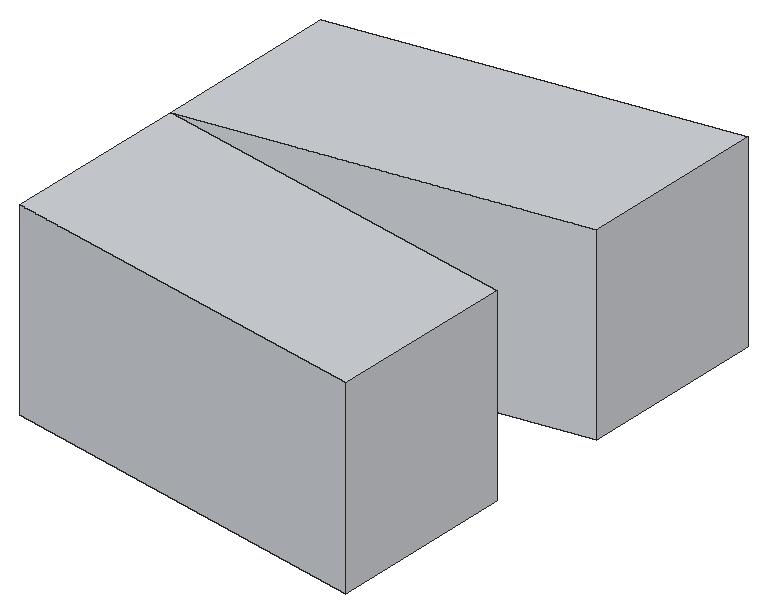
Revit family "M_Calças retangulares de transição - DTL", category Conexões de duto, Revit 2019
Family settings
  Cota do conector redondo = Utilizar diâmetro
  Tipo de parte = Arquejamentos
  Número OmniClass = 23.75.70.14
  Título OmniClass = Air Ductwork
  ID de item do Seek = Rectangular Transition Pants - DTL-0000-CAN-ENU
  Com base no plano de trabalho = Não
  Sempre na vertical = Sim
  Corte com vazios quando carregada = Não
  Compartilhado = Não
Parameters (values of type "Padrão")
  Visibilidade da saída da largura à direita [instance] = not(Saída reta à direita = 0 mm)  # no
  Saída da largura à direita 2 [instance] = Definir direita 4 + 0.5 * Entrada de largura  # 450 mm
  Visibilidade da saída da largura à esquerda [instance] = not(Saída reta à esquerda = 0 mm)  # no
  Definir parte superior 5 [instance] = if(Altura da forquilha = 0 mm, 3048 mm - Entrada de profundidade / 2 - Definir parte superior 4, 3048 mm - Entrada de profundidade / 2 - (Definir parte superior - Definir parte superior 4))  # 2823 mm
  Definir parte superior 4 [instance] = if(Altura da forquilha = 0 mm, 0 mm, (Comprimento - Altura da forquilha 2) * Definir parte superior / Comprimento)  # 0 mm
  Definir direita 4 [instance] = if(Altura da forquilha = 0 mm, 0 mm, Altura da forquilha 2 * Definir direita / Comprimento)  # 0 mm
  Saída da largura à esquerda 2 [instance] = Definir esquerda 4 + 0.5 * Entrada de largura  # 450 mm
  Definir esquerda 4 [instance] = if(Altura da forquilha = 0 mm, 0 mm, Altura da forquilha 2 * Definir esquerda / Comprimento)  # 0 mm
  Saída reta à direita 2 [instance] = if(Saída reta à direita > 0 mm, Comprimento 2 - Saída reta à direita, Comprimento 2)  # 1800 mm
  Saída reta à direita 1 [instance] = if(Saída reta à direita > 0 mm, Saída reta à direita, 25 mm)  # 25 mm
  Saída reta à direita [instance] = 0 mm
  Saída reta à esquerda 2 [instance] = if(Saída reta à esquerda > 0 mm, Comprimento 2 - Saída reta à esquerda, Comprimento 2)  # 1800 mm
  Saída reta à esquerda 1 [instance] = if(Saída reta à esquerda > 0 mm, Saída reta à esquerda, 25 mm)  # 25 mm
  Saída reta à esquerda [instance] = 0 mm
  Visibilidade da entrada da largura [instance] = not(Entrada reta = 0 mm)  # no
  Entrada reta 1 [instance] = if(Entrada reta > 0 mm, Entrada reta, 25 mm)  # 25 mm
  Definir direita [instance] = 150 mm
  Definir esquerda [instance] = 150 mm
  Definir parte superior 1 [instance] = 3048 mm - Entrada de profundidade / 2 - Definir parte superior  # 2823 mm
  Largura 1 [instance] = Entrada de largura + Definir esquerda + Definir direita - (Saída da largura à esquerda + Saída da largura à direita)  # 300 mm
  Saída da largura à direita 1 [instance] = Comprimento 3 - Definir direita 1  # 3825 mm
  Saída da largura à esquerda 1 [instance] = Definir esquerda 1 + Comprimento 3  # 4575 mm
  Saída da largura 1 [instance] = Entrada de largura + Definir esquerda 4 + Definir direita 4  # 900 mm
  Comprimento 4 [instance] = if(Altura da forquilha < Comprimento, Comprimento - Altura da forquilha 2, 25 mm)  # 875 mm
  Comprimento 3 [instance] = (Entrada de largura + Saída da largura à direita + Saída da largura à esquerda + Definir esquerda + Definir direita) * 2  # 4200 mm
  Comprimento 2 [instance] = (Comprimento + Saída reta) * 2  # 1800 mm
  Saída de meia largura 1 [instance] = Saída da largura 1 / 2  # 450 mm
  Entrada de meia largura [instance] = Entrada de largura / 2  # 450 mm
  Saída de meia profundidade 1 [instance] = Saída de profundidade 1 / 2  # 225 mm
  Entrada de meia profundidade [instance] = Entrada de profundidade / 2  # 225 mm
  Saída de profundidade 3 [instance] = if(Entrada de profundidade > Saída de profundidade, Saída de profundidade + Saída de profundidade 2, Saída de profundidade - Saída de profundidade 2)  # 450 mm
  Saída de profundidade 2 [instance] = if(Altura da forquilha = 0 mm, 0 mm, (Comprimento - Altura da forquilha 2) * (Definir parte superior + abs(Entrada de profundidade - Saída de profundidade)) / Comprimento - Definir parte superior 4)  # 0 mm
  Saída de profundidade 1 [instance] = if(not(Altura da forquilha = 0 mm), Saída de profundidade 3, Entrada de profundidade)  # 450 mm
  Visibilidade da forquilha [instance] = not(Altura da forquilha = 0 mm)  # no
  Altura da forquilha 1 [instance] = if(not(Altura da forquilha > 0 mm), 25 mm, Altura da forquilha)  # 25 mm
  Altura da forquilha 3 [instance] = if(Altura da forquilha = 0 mm, Comprimento 2 + Comprimento 1, Comprimento 2 + Comprimento 1 - Altura da forquilha 2)  # 2700 mm
  Definir direita 1 [instance] = if(Largura 1 > 0 mm, (Definir direita + Entrada de largura / 2 - Saída da largura à direita / 2), (Definir direita - abs(Largura 1) + Entrada de largura / 2 - Saída da largura à direita / 2))  # 375 mm
  Definir esquerda 1 [instance] = Definir esquerda + Entrada de largura / 2 - Saída da largura à esquerda / 2  # 375 mm
  Comprimento 1 [instance] = if(Altura da forquilha < Comprimento, Comprimento, Altura da forquilha 2 + 25.4 mm)  # 900 mm
  Definir parte superior 3 [instance] = if(Saída de profundidade + Definir parte superior 1 - 3048 mm < Entrada de profundidade / 2, Entrada de profundidade / 2, (Saída de profundidade + Definir parte superior 1 - 3048 mm))  # 225 mm
  Definir parte superior 2 [instance] = if(3048 mm - Definir parte superior 1 < Entrada de profundidade / 2, Entrada de profundidade / 2, (3048 mm - Definir parte superior 1))  # 225 mm
  Saída de meia largura à direita [instance] = Saída da largura à direita / 2  # 225 mm
  Saída de meia largura à esquerda [instance] = Saída da largura à esquerda / 2  # 225 mm
  Saída de meia profundidade [instance] = Saída de profundidade / 2  # 225 mm
  Saída da largura à direita [instance] = 450 mm
  Saída da largura à esquerda [instance] = 450 mm
  Entrada de largura [instance] = 900 mm
  Comprimento [instance] = 900 mm
  Saída reta [instance] = if(Saída reta à esquerda > Saída reta à direita, Saída reta à esquerda, Saída reta à direita)  # 0 mm
  Entrada reta [instance] = 0 mm
  Definir parte superior [instance] = 0 mm
  Saída de profundidade [instance] = 450 mm
  Entrada de profundidade [instance] = 450 mm
  Altura da forquilha 2 [instance] = if(Altura da forquilha < Comprimento, Altura da forquilha 1, Comprimento)  # 25 mm
  Altura da forquilha [instance] = 0 mm
Reference planes
  plane 1 "Centro (Frente/Trás)": y = 0
  plane 2: z = 0
  plane 3 "Centro (Esquerda/Direita)": x = 0
  plane 4: z = 3048
  plane 5: x = 0
  plane 6: x = 900
  plane 7: y = 375
  plane 8: x = 900
  plane 9: y = -375
  plane 10: x = 2700
  plane 11: x = 0
  plane 12: z = 225
  plane 13: z = -225
  plane 14 "1": z = 0
  plane 15: z = 225
  plane 16: z = -25.4
  plane 17: y = -4200
  plane 18: x = 900
  plane 19: x = 25
  plane 20: x = 875
  plane 21: x = 875
  plane 22: x = 25
  plane 23: z = 225
  plane 24: z = 0
Forms (mm)
  Sweep 1, solid, visible <- "Visibilidade da entrada da largura", detail levels medium+fine
    path in 3D
      loop
        line (0, 0, 0) -> (25, 0, 0)
    profile origin (12.5, 0, 0) x (0, 1, 0) y (0, 0, 1)
      loop
        line (450, 225) -> (-450, 225) -> (-450, -225) -> (450, -225) -> (450, 225)
  Sweep 2, solid, visible <- "Visibilidade da saída da largura à esquerda", detail levels medium+fine
    path in 3D
      loop
        line (875, 375, 0) -> (900, 375, 0)
    profile origin (887.5, 375, 0) x (0, 1, 0) y (0, 0, 1)
      loop
        line (225, 225) -> (-225, 225) -> (-225, -225) -> (225, -225) -> (225, 225)
  Sweep 3, solid, visible <- "Visibilidade da saída da largura à direita", detail levels medium+fine
    path in 3D
      loop
        line (875, -375, 0) -> (900, -375, 0)
    profile origin (887.5, -375, 0) x (0, 1, 0) y (0, 0, 1)
      loop
        line (-225, 225) -> (-225, -225) -> (225, -225) -> (225, 225) -> (-225, 225)
  SweptBlend 4, solid, visible <- "Visibilidade da forquilha", detail levels medium+fine
    path in 3D
      loop
        line (0, 0, 0) -> (25, 0, 0)
    profile origin (0, 0, 0) x (0, 1, 0) y (0, 0, 1)
      loop
        line (450, 225) -> (-450, 225) -> (-450, -225) -> (450, -225) -> (450, 225)
    end profile origin (25, 0, 0) x (0, 1, 0) y (0, 0, 1)
      loop
        line (450, 225) -> (-450, 225) -> (-450, -225) -> (450, -225) -> (450, 225)
  Blend 5, solid, detail levels medium+fine
    base sketch origin (0, 0, 0) x (0, 1, 0) y (0, 0, 1)
      loop
        line (600, 225) -> (150, 225) -> (150, -225) -> (600, -225) -> (600, 225)
    top sketch origin (0, 0, 0) x (0, 1, 0) y (0, 0, 1)
      loop
        line (450, 225) -> (0, 225) -> (0, -225) -> (450, -225) -> (450, 225)
    from 900 to 0
  Blend 6, solid, detail levels medium+fine
    base sketch origin (0, 0, 0) x (0, 1, 0) y (0, 0, 1)
      loop
        line (-150, 225) -> (-600, 225) -> (-600, -225) -> (-150, -225) -> (-150, 225)
    top sketch origin (0, 0, 0) x (0, 1, 0) y (0, 0, 1)
      loop
        line (0, 225) -> (-450, 225) -> (-450, -225) -> (0, -225) -> (0, 225)
    from 900 to 0
  Blend 7, solid, not visible
    base sketch origin (0, 0, 0) x (0, 1, 0) y (0, 0, 1)
      loop
        line (600, 225) -> (375, 225) -> (375, 0) -> (600, 0) -> (600, 225)
    top sketch origin (0, 0, 0) x (0, 1, 0) y (0, 0, 1)
      loop
        line (225, 225) -> (0, 225) -> (0, 0) -> (225, 0) -> (225, 225)
    from 900 to 0
  Blend 8, solid, not visible
    base sketch origin (0, 0, 0) x (0, 1, 0) y (0, 0, 1)
      loop
        line (-375, 225) -> (-600, 225) -> (-600, 0) -> (-375, 0) -> (-375, 225)
    top sketch origin (0, 0, 0) x (0, 1, 0) y (0, 0, 1)
      loop
        line (0, 225) -> (-225, 225) -> (-225, 0) -> (0, 0) -> (0, 225)
    from 900 to 0
  Blend 9, solid, not visible
    base sketch origin (0, 0, 0) x (0, 1, 0) y (0, 0, 1)
      loop
        line (450, 225) -> (0, 225) -> (0, 0) -> (450, 0) -> (450, 225)
    top sketch origin (0, 0, 0) x (0, 1, 0) y (0, 0, 1)
      loop
        line (450, 225) -> (0, 225) -> (0, 0) -> (450, 0) -> (450, 225)
    from 0 to 25
Lines and regions (mm)
  model lines, visible <- "Visibilidade da entrada da largura", detail levels coarse
    curve 1: line (0, 0, 0) -> (25, 0, 0)
  sketch lines
    curve 2: line (0, 0, 0) -> (25, 0, 0)
    curve 4: line (875, 375, 0) -> (900, 375, 0)
    curve 6: line (875, -375, 0) -> (900, -375, 0)
    curve 10: line (0, 0, 0) -> (25, 0, 0)
  reference lines
    curve 3: line (875, 375, 0) -> (900, 375, 0)
    curve 5: line (875, -375, 0) -> (900, -375, 0)
    curve 9: line (0, 0, 0) -> (25, 0, 0)
  model lines, visible <- "Visibilidade da saída da largura à esquerda", detail levels coarse
    curve 7: line (875, 375, 0) -> (900, 375, 0)
  model lines, visible <- "Visibilidade da saída da largura à direita", detail levels coarse
    curve 8: line (875, -375, 0) -> (900, -375, 0)
  model lines, detail levels coarse
    curve 11: line (0, 0, 0) -> (900, 375, 0)
    curve 12: line (0, 0, 0) -> (900, -375, 0)
  model lines, visible <- "Visibilidade da forquilha", detail levels coarse
    curve 13: line (0, 0, 0) -> (25, 0, 0)
Dimensions and locks
  locked: plane 4 to plane 2 at 3048
  "Entrada reta": plane 3 "Centro (Esquerda/Direita)" to plane 5
  "Comprimento 1": plane 5 to plane 6
  equal spacing: Sweep 1 sketch curve, profile plane, Sweep 1 sketch curve  (x2)
  "Entrada de largura": Sweep 1 sketch curve to Sweep 1 sketch curve
  "Entrada de profundidade": Sweep 1 sketch curve to Sweep 1 sketch curve
  equal spacing: Sweep 2 sketch curve, profile plane, Sweep 2 sketch curve
  "Saída da largura à esquerda": Sweep 2 sketch curve to Sweep 2 sketch curve
  "Saída de profundidade": Sweep 2 sketch curve to Sweep 2 sketch curve
  "Definir parte superior 1": Sweep 2 sketch curve to plane 4
  equal spacing: Sweep 3 sketch curve, profile plane, Sweep 3 sketch curve
  "Saída da largura à direita": Sweep 3 sketch curve to Sweep 3 sketch curve
  "Saída de profundidade": Sweep 3 sketch curve to Sweep 3 sketch curve
  "Definir parte superior 1": Sweep 3 sketch curve to plane 4
  "Comprimento 2": plane 6 to plane 10
  "Altura da forquilha 3": plane 11 to plane 10
  "Definir parte superior 2": plane 12 to plane 2
  "Definir parte superior 3": plane 2 to plane 13
  "Definir parte superior 1": plane 4 to plane 15
  "Saída de meia profundidade": plane 15 to plane 14 "1"
  locked: plane 2 to plane 16 at 25.4
  "Comprimento 3": plane 17 to plane 1 "Centro (Frente/Trás)"
  "Saída da largura à esquerda 1": plane 7 to plane 17
  "Saída da largura à direita 1": plane 9 to plane 17
  "Entrada reta 1": plane 3 "Centro (Esquerda/Direita)" to plane 19
  "Saída reta à esquerda 1": plane 20 to plane 8
  "Saída reta à esquerda 2": plane 8 to plane 10
  "Saída reta à direita 2": plane 18 to plane 10
  "Saída reta à direita 1": plane 21 to plane 18
  equal spacing: SweptBlend 4 sketch curve, plane 1 "Centro (Frente/Trás)", SweptBlend 4 sketch curve
  "Entrada de largura": SweptBlend 4 sketch curve to SweptBlend 4 sketch curve
  "Entrada de profundidade": SweptBlend 4 sketch curve to SweptBlend 4 sketch curve
  "Saída da largura 1": SweptBlend 4 sketch curve to SweptBlend 4 sketch curve
  "Saída da largura à esquerda 2": SweptBlend 4 sketch curve to plane 1 "Centro (Frente/Trás)"
  equal spacing: Blend 5 sketch curve, plane 7, Blend 5 sketch curve
  "Saída da largura à esquerda": Blend 5 sketch curve to Blend 5 sketch curve
  "Saída de profundidade": Blend 5 sketch curve to Blend 5 sketch curve
  "Saída da largura à esquerda 2": Blend 5 sketch curve to Blend 5 sketch curve
  equal spacing: Blend 6 sketch curve, plane 9, Blend 6 sketch curve
  "Saída da largura à direita": Blend 6 sketch curve to Blend 6 sketch curve
  "Definir parte superior 1": Blend 6 sketch curve to plane 4
  "Saída de profundidade": Blend 6 sketch curve to Blend 6 sketch curve
  "Saída da largura à direita 2": Blend 6 sketch curve to Blend 6 sketch curve
  "Saída de profundidade 1": Blend 6 sketch curve to Blend 6 sketch curve
  "Definir parte superior 1": Blend 5 sketch curve to plane 4
  equal spacing: SweptBlend 4 sketch curve, profile plane, SweptBlend 4 sketch curve
  "Altura da forquilha 2": plane 5 to plane 22
  "Saída de profundidade 1": SweptBlend 4 sketch curve to SweptBlend 4 sketch curve
  "Saída de profundidade 1": Blend 5 sketch curve to Blend 5 sketch curve
  "Saída de meia largura à esquerda": Blend 7 sketch curve to Blend 7 sketch curve  (x2)
  "Saída de meia profundidade": Blend 7 sketch curve to Blend 7 sketch curve  (x2)
  "Saída de meia largura à direita": Blend 8 sketch curve to Blend 8 sketch curve  (x2)
  "Saída de meia profundidade": Blend 8 sketch curve to Blend 8 sketch curve  (x2)
  "Definir parte superior 5": plane 4 to plane 23
  "Saída de meia profundidade 1": plane 23 to plane 24
  equal spacing: Blend 6 sketch curve, plane 24, Blend 6 sketch curve
  equal spacing: SweptBlend 4 sketch curve, plane 24, SweptBlend 4 sketch curve
  equal spacing: Blend 5 sketch curve, plane 24, Blend 5 sketch curve
  "Entrada de meia largura": Blend 9 sketch curve to Blend 9 sketch curve
  "Entrada de meia profundidade": Blend 9 sketch curve to Blend 9 sketch curve
  "Saída de meia largura 1": Blend 9 sketch curve to Blend 9 sketch curve
  "Saída de meia profundidade 1": Blend 9 sketch curve to Blend 9 sketch curve
  aligned and locked: plane 1 "Centro (Frente/Trás)" to curve 1
  aligned and locked: plane 3 "Centro (Esquerda/Direita)" to curve 1
  aligned and locked: curve 3 to plane 8
  aligned and locked: curve 3 to plane 7
  aligned and locked: curve 5 to plane 9
  aligned and locked: curve 7 to plane 8
  aligned and locked: curve 7 to plane 7
  aligned and locked: curve 8 to plane 9
  aligned and locked: plane 18 to curve 5
  aligned and locked: plane 18 to curve 8
  aligned and locked: curve 7 to plane 20
  aligned and locked: curve 3 to plane 20
  aligned and locked: plane 21 to curve 8
  aligned and locked: plane 21 to curve 5
  aligned and locked: plane 1 "Centro (Frente/Trás)" to curve 9
  aligned and locked: Blend 5 sketch curve to plane 1 "Centro (Frente/Trás)"
  aligned and locked: plane 11 to Blend 5
  aligned and locked: plane 6 to Blend 5
  aligned and locked: plane 1 "Centro (Frente/Trás)" to Blend 6 sketch curve
  aligned and locked: plane 6 to Blend 6
  aligned and locked: Blend 6 to plane 11
  aligned and locked: plane 22 to curve 9
  aligned and locked: plane 5 to curve 9
  aligned and locked: curve 8 to plane 14 "1"
  aligned and locked: curve 1 to plane 19
  aligned and locked: Blend 7 sketch curve to plane 1 "Centro (Frente/Trás)"
  aligned: Blend 7 to plane 22
  aligned: Blend 7 to plane 20
  aligned and locked: plane 7 to Blend 7 sketch curve
  aligned and locked: plane 1 "Centro (Frente/Trás)" to Blend 8 sketch curve
  aligned: Blend 8 to plane 22
  aligned: plane 18 to Blend 8  (x2)
  aligned: plane 21 to Blend 8
  aligned and locked: Blend 7 sketch curve to plane 14 "1"
  aligned and locked: plane 14 "1" to Blend 8 sketch curve
  aligned and locked: curve 11 to Blend 7
  aligned and locked: curve 12 to Blend 8
  aligned: Blend 7 to plane 8
  aligned and locked: plane 6 to Blend 7
  aligned and locked: plane 6 to Blend 8
  aligned and locked: plane 24 to Blend 8 sketch curve
  aligned and locked: plane 24 to Blend 7 sketch curve
  aligned: Blend 7 to plane 5
  aligned: Blend 8 to plane 5
  aligned and locked: Blend 7 to plane 11
  aligned and locked: Blend 8 to plane 11
  aligned and locked: plane 2 to Blend 9 sketch curve
  aligned and locked: Blend 9 sketch curve to plane 1 "Centro (Frente/Trás)"  (x2)
  aligned and locked: plane 24 to Blend 9 sketch curve
  aligned: plane 11 to Blend 9
  aligned: Blend 9 to plane 5
  aligned: Blend 9 to plane 19
  aligned and locked: plane 22 to Blend 9
  aligned and locked: Blend 9 to plane 5
  aligned and locked: curve 13 to Blend 9
Automatic sketch dimensions
  Blend 8 sketch curve to plane 9 = 0 mm
  curve 11 to Blend 7 = 0 mm  (x2)
  curve 12 to Blend 8 = 0 mm  (x2)
  Blend 9 to curve 13 = 0 mm
  curve 13 to Blend 9 = 0 mm
Connectors
  hvac at (0, 0, 0), driven by "Entrada de profundidade", driven by "Entrada de largura"
    settings: on Sweep 1, index 1, duct flow 0.0 L/s, flow factor 0, pres drop 0.0 Pa, loss coef 0, conn angle 0.00°, conn width 900 mm, conn height 450 mm, conn diameter 609.6 mm, duct sys type 28, conn prof type 1, flow config 0, flow direction 0, loss method 0, conn ref index -1, conn util no, is conn primary yes, conn desc ""
  hvac at (900, 375, 0), driven by "Saída da largura à esquerda", driven by "Saída de profundidade"
    settings: on Sweep 2, index 2, duct flow 0.0 L/s, flow factor 0, pres drop 0.0 Pa, loss coef 0, conn angle 0.00°, conn width 450 mm, conn height 450 mm, conn diameter 609.6 mm, duct sys type 28, conn prof type 1, flow config 0, flow direction 0, loss method 0, conn ref index -1, conn util no, is conn primary no, conn desc ""
  hvac at (900, -375, 0), driven by "Saída da largura à direita", driven by "Saída de profundidade"
    settings: on Sweep 3, index 3, duct flow 0.0 L/s, flow factor 0, pres drop 0.0 Pa, loss coef 0, conn angle 0.00°, conn width 450 mm, conn height 450 mm, conn diameter 609.6 mm, duct sys type 28, conn prof type 1, flow config 0, flow direction 0, loss method 0, conn ref index -1, conn util no, is conn primary no, conn desc ""
